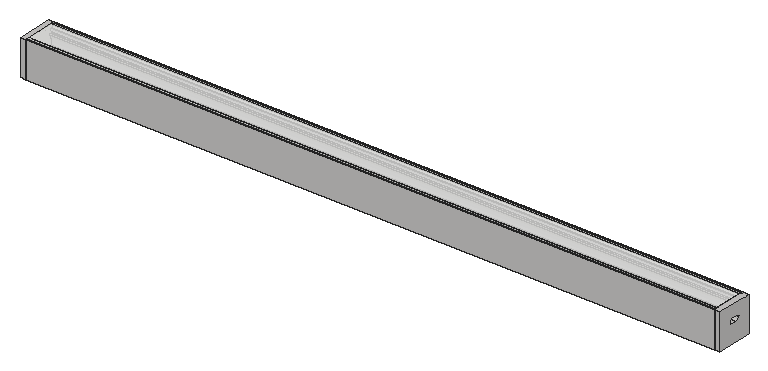
Revit family "Lighting-Luminii-Bosca-Static_White new", category Lighting Fixtures, host Face, Revit 2020
Family settings
  Host = Face
  Round Connector Dimension = Use Diameter
  Part Type = Normal
  OmniClass Number = 23.80.70.11.14.11
  OmniClass Title = Downlights
  Cut with Voids When Loaded = No
  Light Source = Yes
  Shared = Yes
  Room Calculation Point = No
Parameters (values of type "Bosca Static White")
  Width = 77/128"  # constant formula
  Wattage Comments = "7.5 lm/W"
  Wattage = 7.5 W
  Warranty URL = "https://www.luminii.com/terms-conditions/"
  built-in parameter 1150110 = 1 (stored number, unit not read)
  Voltage Comments = "120VAC - 277VAC"  # constant formula
  Voltage = 120 V
  Version = "2020 - v1.0a"  # constant formula
  URL = "https://www.luminii.com/"
  built-in parameter 1114217 = 1 (stored number, unit not read)
  Tilt Angle = 90.00°
  built-in parameter 1150109 = 1 (stored number, unit not read)
  built-in parameter 1150134 = (empty or 0)
  built-in parameter 1150113 = 1 (stored number, unit not read)
  Support Phone = "224-699-9545"  # constant formula
  Support Email = "mailto:support@bimsmith.com"
  Right Endcap [instance] = yes
  Product Page URL = "Consult Manufacturer Website for more Information"
  Power Source Type = "Driver"  # constant formula
  Power Factor = 1
  Photometric Web File = "BOSCA - GRAZE - LL72-VHO-30K_IES.IES"
  Phase = 1
  Luminaire Type = "Linear Illumination System"  # constant formula
  Left Endcap [instance] = yes
  Height = 77/128"  # constant formula
  Dimming Type = "Consult Manufacturer Website for more Information"  # constant formula
  Control Zone = "Consult Manufacturer Website for more Information"  # constant formula
  Control Type = "Consult Manufacturer Website for more Information"  # constant formula
  Operating Temperature = "Consult Manufacturer Website for more Information"  # constant formula
  Number of Poles = if(and(or(Voltage = 120 V, Voltage = 277 V), Phase = 1), 1, if(and(or(Voltage = 208 V, Voltage = 240 V), Phase = 1), 2, if(and(or(Voltage = 208 V, Voltage = 240 V), Phase = 3), 3, if(and(Voltage > 300 V, Phase = 1), 2, if(and(Voltage > 400 V, Phase = 3), 3, 1)))))  # 1
  Mounting Method = "Surface Mount"  # constant formula
  Model = "BOS"  # constant formula
  Manufacturer Phone Number = "403-216-7043"  # constant formula
  Manufacturer Email = "mailto: info@sensolighting.com"
  Manufacturer Address = "302 50 Ave SE. Calgary, Alberta, T2G 2A9 Canada"  # constant formula
  Manufacturer = "Luminii"  # constant formula
  built-in parameter 1150105 = 52.521 (stored number, unit not read)
  Lumens = 660 lm
  built-in parameter 1150115 = 1 (stored number, unit not read)
  Load Classification = Lighting
  built-in parameter 1150137 = (empty or 0)
  built-in parameter 1150139 = (empty or 0)
  Lens Material = Plastic - Luminii - Frosted Lens
  Length [instance] = if(Desired Length < 12", 12", if(Desired Length > 144", 144", (round(Desired Length / 1")) * 1"))  # 12"
  built-in parameter 1150112 = 1 (stored number, unit not read)
  built-in parameter 1150114 = 1 (stored number, unit not read)
  Lamp Life = 1
  Lamp = "LED"  # constant formula
  built-in parameter 1150132 = (empty or 0)
  built-in parameter 1150102 = (empty or 0)
  built-in parameter 1150107 = 3000 (stored number, unit not read)
  built-in parameter 1150138 = (empty or 0)
  built-in parameter 1150106 = 0.52521 (stored number, unit not read)
  Emit from Line Length = 24"
  built-in parameter 1150104 = 8.1755 (stored number, unit not read)
  Dimming Lamp Color Temperature Shift = <None>
  Color Filter = 16777215
  Keynote = "26 50 00"
  Initial Color Comments = "Perfomance based on 3000K Photometric Web File"  # constant formula
  Housing Protection Rating = "IP68 Wet Rated"  # constant formula
  Has Dimming = 1 = 1  # yes
  Has Battery Backup = 0 = 1  # no
  Frequency Comments = ""  # constant formula
  Frequency = 60 Hz
  Finish = Metal - Luminii - Silver Anodized Aluminum
  Environment = "Indoor"  # constant formula
  Desired Length [instance] = 12"
  Description = "Linear Illumination System"  # constant formula
  Default Elevation = 0"  # constant formula
  Current Amps = 50 A
  Copyright = "©2024 Luminii"  # constant formula
  built-in parameter 1114216 [instance] = 0  # (empty or 0)
  built-in parameter 1140040 [instance] = 1 = 1  # 1
  CCT = "3000K"
  C Right Endcap [instance] = if(Right Endcap, 3/32", 0")  # 3/32"
  C Lightsource Length [instance] = Length  # 12"
  C Left Endcap [instance] = if(Left Endcap, 3/32", 0")  # 3/32"
  built-in parameter 1114218 = 1 (stored number, unit not read)
  built-in parameter 1150133 = 10 (stored number, unit not read)
  Assembly Code = "D5040.50"
  Apparent Load = Wattage / Power Factor  # 7.5 VA
Reference planes (in)
  plane 1 "Center (Front/Back)": y = 0
  plane 2: z = 0
  plane 3 "Center (Left/Right)": x = 0
  plane 4: x = -6
  plane 5: x = 6
  plane 6: y = 0.30078
  plane 7: y = -0.30078
  plane 8: x = -5.90625
  plane 9: x = 5.90625
  plane 10: z = 0.6123
Forms (in)
  Extrusion 1, solid, material "Metal - Luminii - Silver Anodized Aluminum", not visible
    sketch origin (0, 0, 0) x (1, 0, 0) y (0, 1, 0)
      loop
        circle (0, 0) r 0.5
    from 0 to -0.17225
  Sweep 2, solid, material "Metal - Luminii - Silver Anodized Aluminum" <- "Finish", detail levels medium+fine
    path origin (0, 0, 0) x (1, 0, 0) y (0, 1, 0)
      loop
        line (-5.90625, 0) -> (5.90625, 0)
    profile origin (0, 0, 0) x (0, 1, 0) y (0, 0, 1)
      loop
        line (0.3055, 0) -> (0.3055, 0.611) -> (0.27373, 0.611) -> (0.24047, 0.551) -> (0.26047, 0.51938) -> (0.26047, 0.48438) -> (0.22547, 0.48438) -> (0.19382, 0.49527) -> (0.19737, 0.46149)
        arc (0.19737, 0.46149) -> (0.22956, 0.37601) -> (0.2405, 0.28534) r 0.3813
        line (0.2405, 0.28534) -> (0.2405, 0.236) -> (-0.2405, 0.236) -> (-0.2405, 0.28534)
        arc (-0.2405, 0.28534) -> (-0.22956, 0.37601) -> (-0.19737, 0.46149) r 0.3813
        line (-0.19737, 0.46149) -> (-0.19382, 0.49527) -> (-0.22547, 0.48438) -> (-0.26047, 0.48438) -> (-0.26047, 0.51938) -> (-0.24047, 0.551) -> (-0.27373, 0.611) -> (-0.3055, 0.611) -> (-0.3055, 0) -> (-0.20824, 0) -> (-0.18822, 0.055) -> (-0.2405, 0.055) -> (-0.2405, 0.155) -> (0.2405, 0.155) -> (0.2405, 0.055) -> (0.18822, 0.055) -> (0.20824, 0) -> (0.3055, 0)
  Sweep 3, solid, material "Plastic - Luminii - Frosted Lens" <- "Lens Material", detail levels medium+fine
    path origin (0, 0, 0) x (1, 0, 0) y (0, 1, 0)
      loop
        line (-5.90625, 0) -> (5.90625, 0)
    profile origin (0, 0, 0) x (0, 1, 0) y (0, 0, 1)
      loop
        line (0.20314, 0.5723) -> (0.22794, 0.4912) -> (0.25556, 0.51054) -> (0.23502, 0.55128) -> (0.25632, 0.58818)
        arc (0.25632, 0.58818) -> (0.25632, 0.60426) -> (0.24239, 0.6123) r 0.01608
        line (0.24239, 0.6123) -> (-0.24239, 0.6123)
        arc (-0.24239, 0.6123) -> (-0.25632, 0.60426) -> (-0.25632, 0.58818) r 0.01608
        line (-0.25632, 0.58818) -> (-0.23502, 0.55128) -> (-0.25556, 0.51054) -> (-0.22794, 0.4912) -> (-0.20314, 0.5723) -> (0.20314, 0.5723)
  Sweep 4, solid, material "Metal - Luminii - Silver Anodized Aluminum" <- "Finish", visible <- "Left Endcap", detail levels medium+fine
    path origin (0, 0, 0) x (1, 0, 0) y (0, 1, 0)
      loop
        line (-5.90625, 0) -> (-6, 0)
    profile origin (-5.95312, 0, 0) x (0, -1, 0) y (0, 0, 1)
      loop
        arc (-0.05014, 0.403) -> (-0.09814, 0.355) -> (-0.05014, 0.307) r 0.048
        line (-0.05014, 0.307) -> (0.05014, 0.307)
        arc (0.05014, 0.307) -> (0.09814, 0.355) -> (0.05014, 0.403) r 0.048
        line (0.05014, 0.403) -> (-0.05014, 0.403)
      loop
        line (0.3055, 0.611) -> (-0.3055, 0.611) -> (-0.3055, 0) -> (0.3055, 0) -> (0.3055, 0.611)
  Sweep 5, solid, material "Metal - Luminii - Silver Anodized Aluminum" <- "Finish", visible <- "Right Endcap", detail levels medium+fine
    path origin (0, 0, 0) x (-1, 0, 0) y (0, 1, 0)
      loop
        line (-5.90625, 0) -> (-6, 0)
    profile origin (5.95313, 0, 0) x (0, 1, 0) y (0, 0, 1)
      loop
        line (-0.3055, 0.611) -> (-0.3055, 0) -> (0.3055, 0) -> (0.3055, 0.611) -> (-0.3055, 0.611)
      loop
        line (0.05014, 0.403) -> (-0.05014, 0.403)
        arc (-0.05014, 0.403) -> (-0.09814, 0.355) -> (-0.05014, 0.307) r 0.048
        line (-0.05014, 0.307) -> (0.05014, 0.307)
        arc (0.05014, 0.307) -> (0.09814, 0.355) -> (0.05014, 0.403) r 0.048
  Sweep 6, solid, material "Metal - Luminii - Silver Anodized Aluminum" <- "Finish", visible <- "Left Endcap", detail levels coarse
    path origin (0, 0, 0) x (1, 0, 0) y (0, 1, 0)
      loop
        line (-5.90625, 0) -> (-6, 0)
    profile origin (-5.95312, 0, 0) x (0, -1, 0) y (0, 0, 1)
      loop
        line (0.3055, 0.611) -> (-0.3055, 0.611) -> (-0.3055, 0) -> (0.3055, 0) -> (0.3055, 0.611)
  Sweep 7, solid, material "Metal - Luminii - Silver Anodized Aluminum" <- "Finish", visible <- "Right Endcap", detail levels coarse
    path origin (0, 0, 0) x (-1, 0, 0) y (0, 1, 0)
      loop
        line (-5.90625, 0) -> (-6, 0)
    profile origin (5.95313, 0, 0) x (0, 1, 0) y (0, 0, 1)
      loop
        line (-0.3055, 0.611) -> (-0.3055, 0) -> (0.3055, 0) -> (0.3055, 0.611) -> (-0.3055, 0.611)
  Sweep 8, solid, material "Metal - Luminii - Silver Anodized Aluminum" <- "Finish", detail levels coarse
    path origin (0, 0, 0) x (1, 0, 0) y (0, 1, 0)
      loop
        line (-5.90625, 0) -> (5.90625, 0)
    profile origin (0, 0, 0) x (0, 1, 0) y (0, 0, 1)
      loop
        line (0.3055, 0) -> (0.3055, 0.611) -> (0.27373, 0.611) -> (0.27373, 0.48438) -> (0, 0.48438) -> (-0.27373, 0.48438) -> (-0.27373, 0.611) -> (-0.3055, 0.611) -> (-0.3055, 0) -> (-0.20824, 0) -> (-0.18822, 0.055) -> (-0.2405, 0.055) -> (-0.2405, 0.155) -> (0.2405, 0.155) -> (0.2405, 0.055) -> (0.18822, 0.055) -> (0.20824, 0) -> (0.3055, 0)
  Sweep 9, solid, material "Plastic - Luminii - Frosted Lens" <- "Lens Material", detail levels coarse
    path origin (0, 0, 0) x (1, 0, 0) y (0, 1, 0)
      loop
        line (-5.90625, 0) -> (5.90625, 0)
    profile origin (0, 0, 0) x (0, 1, 0) y (0, 0, 1)
      loop
        line (-0.25847, 0.6123) -> (-0.25847, 0.48438) -> (0.25847, 0.48438) -> (0.25847, 0.6123) -> (-0.25847, 0.6123)
Dimensions and locks (in)
  equal spacing: plane 4, plane 3 "Center (Left/Right)", plane 5
  equal spacing: plane 6, plane 1 "Center (Front/Back)", plane 7
  "Length": plane 4 to plane 5
  "Width": plane 6 to plane 7
  "C Right Endcap": plane 9 to plane 5
  "C Left Endcap": plane 4 to plane 8
  locked: plane 4 to Sweep 4 sketch curve at 0.09375
  locked: Sweep 7 sketch curve to plane 5 at 0.09375
  locked: plane 4 to Sweep 6 sketch curve at 0.09375
  locked: Sweep 5 sketch curve to plane 5 at 0.09375
  aligned and locked: plane 2 to host face
  aligned and locked: plane 3 "Center (Left/Right)" to Extrusion 1 sketch curve
  aligned and locked: plane 1 "Center (Front/Back)" to Extrusion 1 sketch curve
  aligned and locked: plane 2 to Extrusion 1  (x2)
  aligned and locked: plane 8 to Sweep 2 sketch curve
  aligned and locked: plane 1 "Center (Front/Back)" to Sweep 2 sketch curve
  aligned and locked: plane 9 to Sweep 2 sketch curve
  aligned and locked: plane 1 "Center (Front/Back)" to Sweep 3 sketch curve
  aligned and locked: plane 9 to Sweep 3 sketch curve
  aligned and locked: plane 8 to Sweep 3 sketch curve
  aligned and locked: Sweep 4 sketch curve to plane 1 "Center (Front/Back)"
  aligned and locked: plane 4 to Sweep 4 sketch curve
  aligned and locked: plane 5 to Sweep 5 sketch curve
  aligned and locked: plane 1 "Center (Front/Back)" to Sweep 5 sketch curve
  aligned and locked: Sweep 6 sketch curve to plane 1 "Center (Front/Back)"
  aligned and locked: Sweep 4 to Sweep 6 sketch curve
  aligned and locked: plane 2 to Sweep 6 sketch curve
  aligned and locked: plane 1 "Center (Front/Back)" to Sweep 7 sketch curve
  aligned and locked: plane 5 to Sweep 7 sketch curve
  aligned and locked: Sweep 7 sketch curve to plane 2
  aligned and locked: plane 1 "Center (Front/Back)" to Sweep 8 sketch curve
  aligned and locked: plane 9 to Sweep 8 sketch curve
  aligned and locked: plane 8 to Sweep 8 sketch curve
  aligned and locked: Sweep 8 sketch curve to plane 2
  aligned and locked: plane 8 to Sweep 9 sketch curve
  aligned and locked: plane 1 "Center (Front/Back)" to Sweep 9 sketch curve
  aligned and locked: plane 9 to Sweep 9 sketch curve
  aligned and locked: Sweep 9 sketch curve to plane 2
  aligned and locked: imposter light to plane 10
  aligned and locked: imposter light to plane 3 "Center (Left/Right)"
  aligned and locked: imposter light to plane 1 "Center (Front/Back)"
Automatic sketch dimensions
  host sketch curve to host sketch curve = 96"  (x2)
  Sweep 5 sketch curve to profile plane = 0.3055"
  level to Sweep 5 sketch curve = 0.611"
  profile plane to Sweep 5 sketch curve = 0.3055"
  Sweep 5 sketch curve to level = 0"
  Sweep 2 sketch curve to level = 0"  (x2)
  Sweep 2 sketch curve to Sweep 2 sketch curve = 0.03177"
  Sweep 2 sketch curve to Sweep 2 sketch curve = 0.01326"
  Sweep 2 sketch curve to Sweep 2 sketch curve = 0.01997"
  Sweep 2 sketch curve to Sweep 2 sketch curve = 0.065"  (x2)
  Sweep 2 sketch curve to Sweep 2 sketch curve = 0.02"
  Sweep 2 sketch curve to Sweep 2 sketch curve = 0.035"  (x4)
  Sweep 2 sketch curve to Sweep 2 sketch curve = 0.03226"
  Sweep 2 sketch curve to Sweep 2 sketch curve = 0.0281"
  Sweep 2 sketch curve to Sweep 2 sketch curve = 0.03165"  (x2)
  level to Sweep 2 sketch curve = 0.055"  (x2)
  Sweep 2 sketch curve to Sweep 2 sketch curve = 0.05228"  (x2)
  Sweep 2 sketch curve to Sweep 2 sketch curve = 0.0997"  (x2)
  Sweep 2 sketch curve to profile plane = 0.1408"
  Sweep 2 sketch curve to profile plane = 0.18822"
  Sweep 2 sketch curve to profile plane = 0.19382"
  Sweep 2 sketch curve to Sweep 2 sketch curve = 0.00355"
  Sweep 2 sketch curve to Sweep 2 sketch curve = 0.02002"
  Sweep 2 sketch curve to Sweep 2 sketch curve = 0.015"
  Sweep 2 sketch curve to Sweep 2 sketch curve = 0.03326"
  Sweep 2 sketch curve to Sweep 2 sketch curve = 0.1"
  Sweep 2 sketch curve to Sweep 2 sketch curve = 0.04934"
  Sweep 2 sketch curve to Sweep 2 sketch curve = 0"
  Sweep 2 sketch curve to Sweep 2 sketch curve = 0.02289"  (x2)
  Sweep 2 sketch curve to Sweep 2 sketch curve = 0.0109"  (x2)
  Sweep 2 sketch curve to Sweep 2 sketch curve = 0.03162"  (x2)
  Sweep 2 sketch curve to Sweep 2 sketch curve = 0.06"  (x2)
  profile plane to Sweep 2 sketch curve = 0.2405"
  Sweep 2 sketch curve to Sweep 2 sketch curve = 0.081"
  Sweep 4 sketch curve to level = 0"
  profile plane to Sweep 4 sketch curve = 0.3055"
  profile plane to Sweep 4 sketch curve = 0.05014"
  Sweep 4 sketch curve to profile plane = 0.05014"
  Sweep 4 sketch curve to profile plane = 0.3055"
  level to Sweep 4 sketch curve = 0.307"
  Sweep 4 sketch curve to Sweep 4 sketch curve = 0.048"
  Sweep 4 sketch curve to Sweep 4 sketch curve = 0.208"
  profile plane to Sweep 5 sketch curve = 0.05014"
  Sweep 5 sketch curve to profile plane = 0.05014"
  level to Sweep 5 sketch curve = 0.307"
  Sweep 5 sketch curve to Sweep 5 sketch curve = 0.048"
  profile plane to Sweep 3 sketch curve = 0.25632"
  Sweep 3 sketch curve to Sweep 3 sketch curve = 0.00076"
  Sweep 3 sketch curve to Sweep 3 sketch curve = 0.01393"  (x2)
  Sweep 3 sketch curve to Sweep 3 sketch curve = 0.0213"
  Sweep 3 sketch curve to Sweep 3 sketch curve = 0.02763"  (x2)
  Sweep 3 sketch curve to Sweep 3 sketch curve = 0.03188"  (x2)
  Sweep 3 sketch curve to profile plane = 13/64"
  Sweep 3 sketch curve to Sweep 3 sketch curve = 0.0248"
  Sweep 3 sketch curve to Sweep 3 sketch curve = 0.03925"
  level to Sweep 3 sketch curve = 0.4912"
  Sweep 3 sketch curve to Sweep 3 sketch curve = 0"
  Sweep 3 sketch curve to Sweep 3 sketch curve = 0.01934"  (x2)
  Sweep 3 sketch curve to Sweep 3 sketch curve = 0.04074"  (x2)
  Sweep 3 sketch curve to Sweep 3 sketch curve = 0.02102"
  Sweep 3 sketch curve to Sweep 3 sketch curve = 0.0369"  (x2)
  Sweep 3 sketch curve to Sweep 3 sketch curve = 0.00804"
  Sweep 6 sketch curve to level = 0"
  profile plane to Sweep 6 sketch curve = 0.3055"
  Sweep 6 sketch curve to profile plane = 0.3055"
  level to Sweep 6 sketch curve = 0.611"
  Sweep 7 sketch curve to level = 0"
  profile plane to Sweep 7 sketch curve = 0.3055"
  Sweep 7 sketch curve to profile plane = 0.3055"
  level to Sweep 7 sketch curve = 0.611"
  Sweep 8 sketch curve to level = 0"  (x2)
  Sweep 8 sketch curve to profile plane = 0"
  level to Sweep 8 sketch curve = 0.055"  (x2)
  profile plane to Sweep 8 sketch curve = 0.18822"
  Sweep 8 sketch curve to Sweep 8 sketch curve = 0.02002"  (x2)
  Sweep 8 sketch curve to Sweep 8 sketch curve = 0.05228"  (x2)
  profile plane to Sweep 8 sketch curve = 0.27373"
  Sweep 8 sketch curve to Sweep 8 sketch curve = 0.065"
  Sweep 8 sketch curve to profile plane = 0.18822"
  Sweep 8 sketch curve to profile plane = 0.27373"
  Sweep 8 sketch curve to Sweep 8 sketch curve = 0.03177"
  Sweep 8 sketch curve to Sweep 8 sketch curve = 0.1"
  Sweep 8 sketch curve to Sweep 8 sketch curve = 0.32938"
  Sweep 8 sketch curve to Sweep 8 sketch curve = 0.12662"  (x2)
  profile plane to Sweep 9 sketch curve = 0.25847"
  Sweep 9 sketch curve to profile plane = 0.25847"
  level to Sweep 9 sketch curve = 31/64"
  Sweep 9 sketch curve to Sweep 9 sketch curve = 0.12793"
  radius of Extrusion 1 sketch curve = 1/2"
Connectors (in)
  electrical at (0, 0, 0), driven by "Number of Poles", driven by "Load Classification", driven by "Voltage", driven by "Apparent Load", driven by "Power Factor"
    settings: on Extrusion 1, index 1, voltage 120 V, apparent load 7.5 VA, apparent load phase1 0 VA, apparent load phase2 0 VA, apparent load phase3 0 VA, power factor 1, load classification "Lighting", number of poles 1, system type 30, power factor state 1, is connector primary yes, connector utility no, sub classification motor no, connector description "Power Connection"
